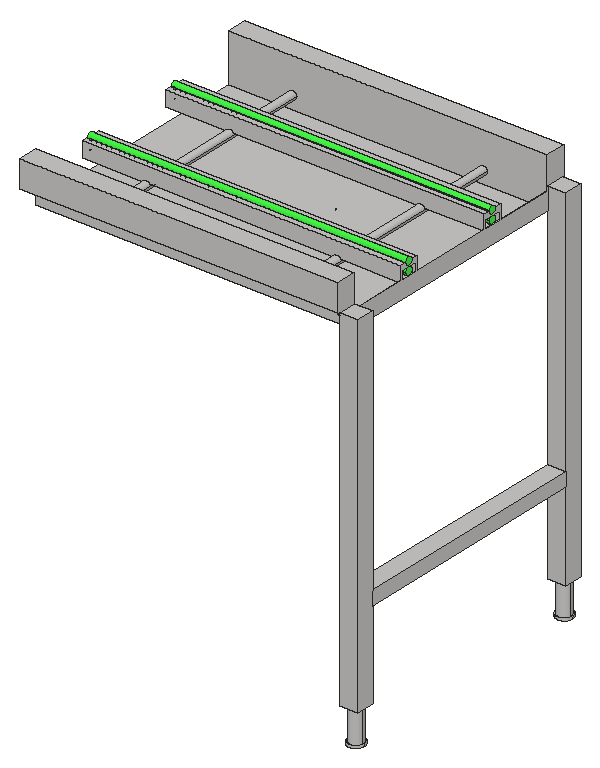
Revit family "QF_ELECTROLUXPROFESSIONAL_863145_HSBCC7", category Specialty Equipment, Revit 2018
Family settings
  Round Connector Dimension = Use Diameter
  Part Type = Normal
  Work Plane-Based = No
  Always vertical = Yes
  Cut with Voids When Loaded = No
  Shared = No
  Room Calculation Point = No
Parameters
  Weight = 0.00 kg
  Watts = 0 W
  Volts = 0 V
  URL Manufacturer = "http://professional.electrolux.com"
  URL = "http://professional.electrolux.com"
  Steam Supply Size = 0 mm
  Steam Supply Minimum Pressure = 0.0 Pa
  Steam Supply Maximum Pressure = 0.0 Pa
  Steam Pounds per Hour = 0
  Refrigeration Suction Line Size = 0 mm
  Refrigeration Liquid Line Size = 0 mm
  Refrigerant Compressor Remote = yes
  Manufacturer = "Electrolux"
  Phase = 0
  Model = "HSBCC7"
  Length Actual = 700 mm  # constant formula
  Item Number = "863145"
  Hot Water Size = 0 mm
  Height Actual = 910 mm  # constant formula
  HP = "0 HP"
  Gas Size = 0 mm
  Gas KW = 0
  Gas Input Pressure = 0 W
  Description = "CORD CONVEYOR FOR BASKETS, L=700 MM"
  Depth Actual = 620 mm  # constant formula
  Cycle = 0 Hz
  Condensate Return Size = 0 mm
  Compressed Air Volume = 0.0 L/s
  Compressed Air Size = 0 mm
  Compressed Air Pressure = 0.0 Pa
  Cold Water Size = 0 mm
  Accessory = yes
Reference planes
  plane 1 "Centro (Fronte/Retro)": y = 74.737
  plane 2: z = 0
  plane 3 "LEFT": x = -1138.761
  plane 4 "BACK": y = 384.737
  plane 5 "FRONT": y = -235.263
  plane 6: z = 910
  plane 7 "RIGHT": x = -438.761
  plane 8: x = -788.761
Forms (mm)
  Extrusion 1, solid, material "QF_Finishes_Stainless Steel"
    sketch origin (11.239, 0, 0) x (0, 1, 0) y (0, 0, 1)
      loop
        line (-235.263, 910) -> (-235.263, 850.033) -> (-190.242, 850.033) -> (-190.242, 910) -> (-235.263, 910)
      loop
        line (384.737, 910) -> (339.716, 910) -> (339.716, 850.033) -> (384.737, 850.033) -> (384.737, 910)
    from -1150 to -451.2
  Extrusion 2, solid, material "QF_Finishes_Stainless Steel"
    sketch origin (11.239, 0, 0) x (0, 1, 0) y (0, 0, 1)
      loop
        line (-191.727, 850.033) -> (-191.727, 800.081) -> (341.245, 800.081) -> (341.245, 850.033) -> (339.716, 850.033) -> (339.716, 803.081) -> (-190.242, 803.081) -> (-190.242, 850.033) -> (-191.727, 850.033)
    from -1150 to -451.2
  Extrusion 3, solid, material "QF_Finishes_Stainless Steel"
    sketch origin (1061.239, 723.253, 4000) x (0, 1, 0) y (0, 0, 1)
      loop
        line (-958.516, -3090) -> (-958.516, -3149.967) -> (-934.752, -3185.632) -> (-915.4, -3185.632) -> (-915.4, -3199.919) -> (-381.633, -3199.919) -> (-381.633, -3185.632) -> (-362.281, -3185.632) -> (-338.516, -3149.967) -> (-338.516, -3090) -> (-383.538, -3090) -> (-383.538, -3161.926) -> (-913.495, -3161.926) -> (-913.495, -3090) -> (-958.516, -3090)
    from -1500 to -1501.2
  Extrusion 4, solid, material "QF_Finishes_Stainless Steel"
    sketch origin (-1477.522, 74.737, 0) x (-1, 0, 0) y (0, 0, -1)
      loop
        line (-1079.929, -300) -> (-1039.929, -300) -> (-1039.929, -270) -> (-1079.929, -270) -> (-1079.929, -300)
    from -266.504 to 266.46
  Revolve 5, solid, material "QF_Finishes_Stainless Steel"
    sketch origin (0, 74.737, 0) x (1, 0, 0) y (0, 0, 1)
      loop
        line (-865.255, 800.081) -> (-865.255, 786.333)
        arc (-865.255, 786.333) -> (-864.651, 784.73) -> (-863.151, 783.903) r 2.474
        arc (-863.151, 783.903) -> (-859.843, 780.044) -> (-863.138, 776.173) r 3.913
        arc (-863.138, 776.173) -> (-864.648, 775.341) -> (-865.255, 773.728) r 2.49
        line (-865.255, 773.728) -> (-865.255, 733.404)
        arc (-865.255, 733.404) -> (-854.605, 702.706) -> (-827.218, 685.219) r 49.516
        line (-827.218, 685.219) -> (-827.218, 682.73) -> (-826.011, 681.079) -> (-826.011, 679.492) -> (-812.231, 673.492) -> (-812.231, 638.761) -> (-810.707, 637.3) -> (-788.761, 637.3) -> (-788.761, 800.081) -> (-865.255, 800.081)
      axis (-788.761, 800.081) -> (-788.761, 637.3)
    angle from 0 to 360
  Extrusion 6, solid, material "QF_Finishes_Stainless Steel"
    sketch origin (0, 74.737, 0) x (1, 0, 0) y (0, 0, 1)
      loop
        circle (-998.761, 831.05) r 8.5
    from -265 to 264.979
  Extrusion 7, solid, material "QF_Finishes_Stainless Steel"
    sketch origin (2140, 74.737, 0) x (1, 0, 0) y (0, 0, 1)
      loop
        circle (-2718.761, 831.05) r 8.5
    from -265 to 265
  Extrusion 8, solid, material "QF_Finishes_Stainless Steel"
    sketch origin (-438.761, 0, 0) x (0, 1, 0) y (0, 0, 1)
      loop
        line (-62.763, 869.045) -> (-62.763, 835.05) -> (-60.363, 835.05) -> (-60.363, 857.845) -> (-19.763, 857.845) -> (-19.763, 835.05) -> (-17.763, 835.05) -> (-17.763, 869.045) -> (-30.056, 869.045) -> (-35.275, 860.005) -> (-45.251, 860.005) -> (-50.47, 869.045) -> (-62.763, 869.045)
      loop
        line (212.237, 869.045) -> (199.944, 869.045) -> (194.725, 860.005) -> (184.749, 860.005) -> (179.53, 869.045) -> (167.237, 869.045) -> (167.237, 835.05) -> (169.237, 835.05) -> (169.237, 857.845) -> (209.837, 857.845) -> (209.837, 835.05) -> (212.237, 835.05) -> (212.237, 869.045)
    from 0 to -700
  Extrusion 9, solid, material "QF_Finishes_Green"
    sketch origin (-438.761, 0, 0) x (0, 1, 0) y (0, 0, 1)
      loop
        circle (-40.263, 868.505) r 7.5
      loop
        circle (-40.263, 848.505) r 7.5
      loop
        circle (189.737, 868.505) r 7.5
      loop
        circle (189.737, 848.505) r 7.5
    from 0 to -700
Cuts and joins
  joined: Extrusion 1, Extrusion 2, Extrusion 3, Extrusion 6, Extrusion 7, Extrusion 8
Lines and regions (mm)
  Split face 1
    outline origin (-323.782, -239.063, 803.081) x (0, 1, 0) y (-1, 0, 0)
      loop
        circle (313.8, 464.979) r 3
  Split face 2
    outline origin (-323.782, -239.063, 803.081) x (0, 1, 0) y (-1, 0, 0)
      loop
        circle (313.8, 464.979) r 9
  Split face 3
    outline origin (-323.782, -239.063, 803.081) x (0, 1, 0) y (-1, 0, 0)
      loop
        circle (313.8, 464.979) r 26
  Split face 4
    outline origin (-323.782, -239.063, 803.081) x (0, 1, 0) y (-1, 0, 0)
      loop
        circle (313.8, 464.979) r 36
  Split face 5
    outline origin (-323.782, -239.063, 803.081) x (0, 1, 0) y (-1, 0, 0)
      loop
        circle (313.8, 464.979) r 53
  symbolic lines
    curve 1: line (-438.761, 384.737, 0) -> (-1138.761, 384.737, 0)
    curve 2: line (-1138.761, 384.737, 0) -> (-1138.761, -235.263, 0)
    curve 3: line (-1138.761, 339.716, 0) -> (-438.761, 339.716, 0)
    curve 4: line (-1138.761, -235.263, 0) -> (-438.761, -235.263, 0)
    curve 5: line (-438.761, -235.263, 0) -> (-438.761, 384.737, 0)
    curve 6: line (-438.761, -190.242, 0) -> (-1138.761, -190.242, 0)
    curve 7: line (-1138.761, 74.737, 0) -> (-1108.761, 74.737, 0)
    curve 8: line (-438.761, 74.737, 0) -> (-468.761, 74.737, 0)
    curve 9: circle (-788.761, 74.737, 0) r 23.47 normal (0, 0, 1)
    curve 10: line (-438.761, 212.237, 0) -> (-1138.761, 212.237, 0)
    curve 11: line (-1138.761, 167.237, 0) -> (-438.761, 167.237, 0)
    curve 12: line (-438.761, -17.763, 0) -> (-1138.761, -17.763, 0)
    curve 13: line (-1138.761, -62.763, 0) -> (-438.761, -62.763, 0)
    curve 14: line (-1138.761, -47.763, 0) -> (-438.761, -47.763, 0)
    curve 15: line (-1138.761, -32.763, 0) -> (-438.761, -32.763, 0)
    curve 16: line (-1138.761, 197.237, 0) -> (-438.761, 197.237, 0)
    curve 17: line (-1138.761, 182.237, 0) -> (-438.761, 182.237, 0)
    curve 18: line (-1007.261, 339.716, 0) -> (-1007.261, 212.237, 0)
    curve 19: line (-990.261, 339.716, 0) -> (-990.261, 212.237, 0)
    curve 20: line (-990.261, 167.237, 0) -> (-990.261, -17.763, 0)
    curve 21: line (-1007.261, 167.237, 0) -> (-1007.261, -17.763, 0)
    curve 22: line (-1007.261, -62.763, 0) -> (-1007.261, -190.242, 0)
    curve 23: line (-990.261, -62.763, 0) -> (-990.261, -190.242, 0)
    curve 24: line (-587.261, 339.716, 0) -> (-587.261, 212.237, 0)
    curve 25: line (-570.261, 339.716, 0) -> (-570.261, 212.237, 0)
    curve 26: line (-570.261, 167.237, 0) -> (-570.261, -17.763, 0)
    curve 27: line (-587.261, 167.237, 0) -> (-587.261, -17.763, 0)
    curve 28: line (-587.261, -62.763, 0) -> (-587.261, -190.242, 0)
    curve 29: line (-570.261, -62.763, 0) -> (-570.261, -190.242, 0)
Dimensions and locks
  plane 3 "LEFT" to plane 7 "RIGHT" = 700 mm
  equal spacing: plane 4 "BACK", plane 1 "Centro (Fronte/Retro)", plane 5 "FRONT"
  plane 4 "BACK" to plane 5 "FRONT" = 620 mm
  equal spacing: plane 3 "LEFT", plane 8, plane 7 "RIGHT"
  locked: Extrusion 6 sketch curve to plane 3 "LEFT" at 140
  locked: plane 7 "RIGHT" to Extrusion 7 sketch curve at 140
  aligned and locked: level to plane 2
  aligned and locked: curve 9 to Revolve 5
  aligned and locked: plane 8 to Split face 5  (x2)
  aligned and locked: plane 8 to Split face 4  (x2)
  aligned and locked: plane 8 to cut or joined group of Extrusion 1, Extrusion 2, Extrusion 3, Extrusion 6, Extrusion 7, Extrusion 8  (x4)
  aligned and locked: plane 8 to Split face 3  (x2)
  aligned and locked: plane 8 to Split face 2  (x2)
  aligned and locked: plane 8 to Split face 1  (x2)
  aligned and locked: Extrusion 2 to plane 3 "LEFT"
  aligned and locked: Extrusion 1 to plane 3 "LEFT"
  aligned and locked: Extrusion 8 to plane 3 "LEFT"
  aligned and locked: cut or joined group of Extrusion 1, Extrusion 2, Extrusion 3, Extrusion 6, Extrusion 7, Extrusion 8 to plane 3 "LEFT"  (x2)
  aligned and locked: plane 3 "LEFT" to curve 6
  aligned and locked: plane 3 "LEFT" to curve 4
  aligned and locked: Extrusion 9 to plane 3 "LEFT"
Automatic sketch dimensions
  Extrusion 1 sketch curve to plane 5 "FRONT" = 0 mm
  Extrusion 1 sketch curve to plane 6 = 0 mm  (x2)
  Extrusion 1 sketch curve to plane 4 "BACK" = 0 mm
  plane 5 "FRONT" to Extrusion 1 sketch curve = 45.021 mm
  Extrusion 1 sketch curve to plane 4 "BACK" = 45.021 mm
  Extrusion 1 sketch curve to Extrusion 1 sketch curve = 59.967 mm  (x2)
  plane 5 "FRONT" to Extrusion 2 sketch curve = 43.536 mm
  Extrusion 2 sketch curve to Extrusion 2 sketch curve = 1.486 mm
  Extrusion 2 sketch curve to plane 4 "BACK" = 45.021 mm
  Extrusion 2 sketch curve to Extrusion 2 sketch curve = 1.529 mm
  Extrusion 2 sketch curve to plane 6 = 109.919 mm
  Extrusion 2 sketch curve to Extrusion 2 sketch curve = 3 mm
  Extrusion 2 sketch curve to Extrusion 2 sketch curve = 46.952 mm  (x2)
  Extrusion 3 sketch curve to plane 5 "FRONT" = 0 mm
  Extrusion 3 sketch curve to plane 6 = 0 mm  (x2)
  Extrusion 3 sketch curve to plane 4 "BACK" = 0 mm
  plane 5 "FRONT" to Extrusion 3 sketch curve = 23.764 mm
  Extrusion 3 sketch curve to Extrusion 3 sketch curve = 19.352 mm  (x2)
  plane 5 "FRONT" to Extrusion 3 sketch curve = 45.021 mm
  Extrusion 3 sketch curve to plane 4 "BACK" = 45.021 mm
  Extrusion 3 sketch curve to Extrusion 3 sketch curve = 1.905 mm
  Extrusion 3 sketch curve to Extrusion 3 sketch curve = 59.967 mm  (x2)
  Extrusion 3 sketch curve to Extrusion 3 sketch curve = 11.959 mm
  Extrusion 3 sketch curve to Extrusion 3 sketch curve = 23.706 mm  (x2)
  Extrusion 3 sketch curve to Extrusion 3 sketch curve = 14.287 mm
  Extrusion 4 sketch curve to plane 7 "RIGHT" = 41.168 mm
  Extrusion 4 sketch curve to plane 7 "RIGHT" = 1.168 mm
  Extrusion 4 sketch curve to level = 270 mm
  Extrusion 4 sketch curve to Extrusion 4 sketch curve = 30 mm
  Extrusion 6 sketch curve to plane 6 = 78.95 mm
  Extrusion 7 sketch curve to plane 6 = 78.95 mm
  plane 1 "Centro (Fronte/Retro)" to Extrusion 8 sketch curve = 137.5 mm
  Extrusion 8 sketch curve to Extrusion 8 sketch curve = 2.4 mm  (x2)
  Extrusion 8 sketch curve to plane 6 = 40.955 mm  (x3)
  Extrusion 8 sketch curve to Extrusion 8 sketch curve = 12.293 mm  (x2)
  Extrusion 8 sketch curve to Extrusion 8 sketch curve = 5.219 mm  (x4)
  Extrusion 8 sketch curve to Extrusion 8 sketch curve = 9.976 mm  (x2)
  Extrusion 8 sketch curve to Extrusion 8 sketch curve = 10.293 mm
  Extrusion 8 sketch curve to Extrusion 8 sketch curve = 2 mm  (x2)
  Extrusion 8 sketch curve to plane 1 "Centro (Fronte/Retro)" = 92.5 mm
  Extrusion 8 sketch curve to plane 6 = 49.995 mm
  Extrusion 8 sketch curve to Extrusion 8 sketch curve = 9.893 mm
  Extrusion 8 sketch curve to Extrusion 8 sketch curve = 11.2 mm
  Extrusion 8 sketch curve to Extrusion 8 sketch curve = 2.16 mm
  Extrusion 8 sketch curve to Extrusion 8 sketch curve = 22.795 mm  (x4)
  Extrusion 8 sketch curve to Extrusion 8 sketch curve = 9.04 mm  (x2)
  plane 1 "Centro (Fronte/Retro)" to Extrusion 9 sketch curve = 115 mm
  Extrusion 9 sketch curve to Extrusion 9 sketch curve = 0 mm  (x2)
  Extrusion 9 sketch curve to plane 1 "Centro (Fronte/Retro)" = 115 mm
  Extrusion 9 sketch curve to plane 6 = 61.495 mm  (x2)
  Extrusion 9 sketch curve to Extrusion 9 sketch curve = 20 mm  (x2)
  plane 1 "Centro (Fronte/Retro)" to curve 7 = 0 mm
  plane 1 "Centro (Fronte/Retro)" to curve 8 = 0 mm
  curve 15 to plane 7 "RIGHT" = 0 mm
  curve 4 to plane 5 "FRONT" = 0 mm
  curve 2 to plane 4 "BACK" = 0 mm
  plane 3 "LEFT" to curve 7 = 30 mm
  curve 18 to plane 4 "BACK" = 45.021 mm
  plane 3 "LEFT" to curve 18 = 131.5 mm
  plane 5 "FRONT" to curve 22 = 45.021 mm
  plane 3 "LEFT" to curve 22 = 131.5 mm
  curve 21 to curve 18 = 0 mm
  curve 18 to curve 19 = 17 mm
  curve 21 to curve 20 = 17 mm
  curve 22 to curve 23 = 17 mm
  curve 28 to plane 7 "RIGHT" = 148.5 mm
  curve 24 to plane 7 "RIGHT" = 148.5 mm
  curve 27 to curve 28 = 0 mm
  curve 27 to curve 26 = 17 mm
  curve 24 to curve 25 = 17 mm
  curve 28 to curve 29 = 17 mm
  curve 8 to plane 7 "RIGHT" = 30 mm
  curve 13 to curve 14 = 15 mm
  curve 14 to curve 15 = 15 mm
  curve 15 to curve 12 = 15 mm
  curve 11 to curve 17 = 15 mm
  curve 16 to curve 10 = 15 mm
  Revolve 5 sketch curve to plane 8 = 0 mm  (x2)
  Revolve 5 sketch curve to Revolve 5 sketch curve = 21.946 mm
  Revolve 5 sketch curve to Revolve 5 sketch curve = 1.524 mm
  Revolve 5 sketch curve to plane 8 = 26.978 mm
  Revolve 5 sketch curve to Revolve 5 sketch curve = 13.78 mm
  Revolve 5 sketch curve to Revolve 5 sketch curve = 1.206 mm
  Revolve 5 sketch curve to Revolve 5 sketch curve = 47.026 mm
  Revolve 5 sketch curve to Revolve 5 sketch curve = 0.016 mm  (x3)
  Revolve 5 sketch curve to Revolve 5 sketch curve = 0.976 mm
  Revolve 5 sketch curve to Revolve 5 sketch curve = 2.474 mm
  Revolve 5 sketch curve to Revolve 5 sketch curve = 2.49 mm
  Revolve 5 sketch curve to Revolve 5 sketch curve = 0 mm
  Revolve 5 sketch curve to plane 6 = 272.7 mm
  Revolve 5 sketch curve to Revolve 5 sketch curve = 1.461 mm
  Revolve 5 sketch curve to Revolve 5 sketch curve = 34.731 mm
  Revolve 5 sketch curve to Revolve 5 sketch curve = 6 mm
  Revolve 5 sketch curve to Revolve 5 sketch curve = 1.588 mm
  Revolve 5 sketch curve to Revolve 5 sketch curve = 1.651 mm
  Revolve 5 sketch curve to Revolve 5 sketch curve = 2.488 mm
  Revolve 5 sketch curve to Revolve 5 sketch curve = 48.167 mm
  Revolve 5 sketch curve to Revolve 5 sketch curve = 40.307 mm
  Revolve 5 sketch curve to Revolve 5 sketch curve = 6.326 mm
  Revolve 5 sketch curve to Revolve 5 sketch curve = 6.296 mm
  Revolve 5 sketch curve to Revolve 5 sketch curve = 13.748 mm
  Revolve 5 sketch curve to Revolve 5 sketch curve = 0.373 mm
  Revolve 5 sketch curve to Revolve 5 sketch curve = 38.557 mm
  plane 6 to Revolve 5 sketch curve = 8.743 mm
  cut or joined group of Extrusion 1, Extrusion 2, Extrusion 3, Extrusion 6, Extrusion 7, Extrusion 8 to Split face 1 sketch curve = 264.979 mm
  cut or joined group of Extrusion 1, Extrusion 2, Extrusion 3, Extrusion 6, Extrusion 7, Extrusion 8 to Split face 1 sketch curve = 348.8 mm
  cut or joined group of Extrusion 1, Extrusion 2, Extrusion 3, Extrusion 6, Extrusion 7, Extrusion 8 to Split face 2 sketch curve = 264.979 mm
  cut or joined group of Extrusion 1, Extrusion 2, Extrusion 3, Extrusion 6, Extrusion 7, Extrusion 8 to Split face 2 sketch curve = 348.8 mm
  cut or joined group of Extrusion 1, Extrusion 2, Extrusion 3, Extrusion 6, Extrusion 7, Extrusion 8 to Split face 3 sketch curve = 264.979 mm
  cut or joined group of Extrusion 1, Extrusion 2, Extrusion 3, Extrusion 6, Extrusion 7, Extrusion 8 to Split face 3 sketch curve = 348.8 mm
  cut or joined group of Extrusion 1, Extrusion 2, Extrusion 3, Extrusion 6, Extrusion 7, Extrusion 8 to Split face 4 sketch curve = 264.979 mm
  cut or joined group of Extrusion 1, Extrusion 2, Extrusion 3, Extrusion 6, Extrusion 7, Extrusion 8 to Split face 4 sketch curve = 348.8 mm
  cut or joined group of Extrusion 1, Extrusion 2, Extrusion 3, Extrusion 6, Extrusion 7, Extrusion 8 to Split face 5 sketch curve = 264.979 mm
  cut or joined group of Extrusion 1, Extrusion 2, Extrusion 3, Extrusion 6, Extrusion 7, Extrusion 8 to Split face 5 sketch curve = 348.8 mm
  curve 6 to curve 13 = 127.479 mm
  curve 20 to curve 19 = 45 mm
  curve 26 to plane 1 "Centro (Fronte/Retro)" = 92.5 mm
  radius of Extrusion 6 sketch curve = 8.5 mm
  radius of Extrusion 7 sketch curve = 8.5 mm
  radius of Extrusion 9 sketch curve = 7.5 mm  (x4)
  radius of Split face 1 sketch curve = 3 mm
  radius of Split face 2 sketch curve = 9 mm
  radius of Split face 3 sketch curve = 26 mm
  radius of Split face 4 sketch curve = 36 mm
  radius of Split face 5 sketch curve = 53 mm
Nested families
  nested 1: "Foot_40x40" at (-417.593, 361.245, 0) x (-1, 0, 0) z (0, 0, 1), type "Foot_40x40"
    with A 850.033 mm
  nested 2: "Foot_40x40" at (-417.593, -211.771, 0) x (-1, 0, 0) z (0, 0, 1), type "Foot_40x40"
    with A 850.033 mm
Connectors
  piping at (-788.761, 74.737, 637.3), diameter 40
    settings: on Revolve 5, index 1, connector inside diameter 609.6 mm, connector length 0 mm, flow factor 0, pipe flow 0.0 L/s, pressure drop 0.0 Pa, fitting loss kfactor 0, connector angle 0.00°, fixture units 0, engagement length 0 mm, angle of deflection 0.00°, flow configuration 1, flow direction 2, fitting loss method 0, system type 16, joint type 0, gender type 0, connector reference index -1, connector utility 0, adjustable connector no, is connector primary yes, connector description "Drain"
Definition of nested family "Foot_40x40"
  Parameters
    A [instance] = 850 mm
  Reference planes
    plane 1 "Centro (Fronte/Retro)": y = 0
    plane 2: z = 0
    plane 3 "Centro (Sinistra/Destra)": x = 0
    plane 4: z = 850
  Forms (mm)
    Extrusion 1, solid
      sketch origin (0, 0, 0) x (1, 0, 0) y (0, 1, 0)
        loop
          circle (0, 0) r 18
      from 0 to 5
    Extrusion 2, solid
      sketch origin (0, 0, 5) x (1, 0, 0) y (0, 1, 0)
        loop
          circle (0, 0) r 15
      from 0 to 70
    Extrusion 3, solid
      sketch origin (0, 0, 75) x (1, 0, 0) y (0, 1, 0)
        loop
          line (-20, 20) -> (-20, -20) -> (20, -20) -> (20, 20) -> (-20, 20)
      from 0 to 775
  Dimensions and locks
    "A": plane 4 to plane 2
    aligned and locked: level to plane 2
    aligned and locked: plane 4 to Extrusion 3
    aligned and locked: Extrusion 1 to level
  Automatic sketch dimensions
    plane 1 "Centro (Fronte/Retro)" to Extrusion 1 sketch curve = 0 mm
    Extrusion 1 sketch curve to plane 3 "Centro (Sinistra/Destra)" = 0 mm
    Extrusion 3 sketch curve to Extrusion 3 sketch curve = 40 mm  (x2)
    radius of Extrusion 1 sketch curve = 18 mm
    radius of Extrusion 2 sketch curve to Extrusion 1 = 3 mm
